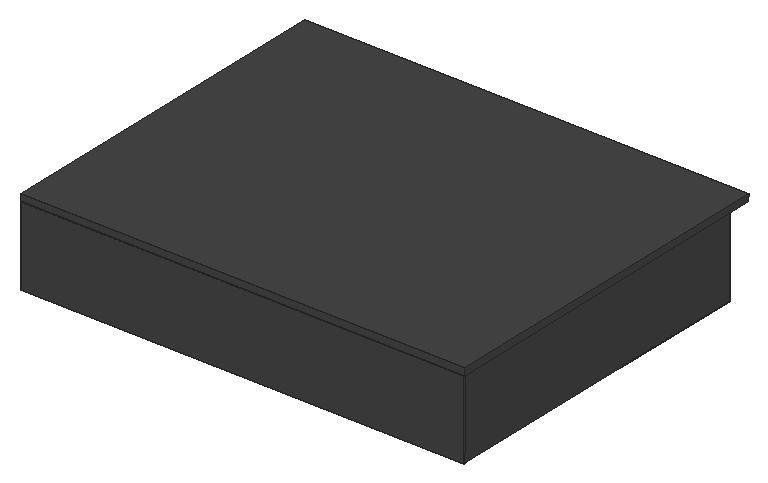
Revit family "NBS_DudleyIndustriesLimited_BthrmCbnts_ModuloSlimlineBehindTheMirrorHandHygieneSystemCabinet_92406BK-1200mm", category Casework, host Face, Revit 2019
Family settings
  Host = Face
  Cut with Voids When Loaded = No
  Shared = No
  Room Calculation Point = No
Parameters
  WarrantyStartDate [instance] = "1900-12-31T23:59:59"
  WarrantyGuarantorParts = "n/a"
  WarrantyGuarantorLabor = "n/a"
  WarrantyDurationUnit = "year"
  WarrantyDurationParts = "Ten year"
  WarrantyDurationLabor = "n/a"
  WarrantyDescription = "Ten year"
  Version = "1"  # constant formula
  Uniclass2015Version = "Products v1.22"
  Uniclass2015Title = "Bathroom cabinets"
  Uniclass2015Code = "Pr_40_30_87_03"
  TagNumber [instance] = "n/a"
  SustainabilityPerformance = "n/a"
  SizeNominal = "1200 x 960 x 230 mm"
  Size = "1200 x 960 x 230 mm"
  ShelvesMaterial = "n/a"
  ShelvesFinishAndColour = "n/a"
  ShelvesArrangement = "n/a"
  Shape = "Rectangle"
  SerialNumber [instance] = "n/a"
  ReplacementCost = "n/a"
  RecycledContent = "n/a"
  Recyclability = "n/a"
  ProductInformation = "n/a"
  NominalWidth = 1200 mm
  NominalLength = 0 mm
  NominalHeight = 960 mm
  Name = "BathroomCabinets_ModuloSlimlineBehindTheMirrorHandHygieneSystem, Cabinet_92406BK-1200mm_DudleyIndustriesLimited"
  NBSCertification = "www.nationalbimlibrary.com/cert/bnfoddsb"
  ModelReference = "92406BK Modulo Slimline Cabinet 1200 mm"
  ModelNumber = "n/a"
  Material = "Stainless steel"
  ManufacturerURL = "www.dudleyindustries.com"
  ManufacturerName = "Dudley Industries Limited"  # constant formula
  Manufacturer = "sales@dudleyindustries.com"
  IntegralAccessories = "Integrated fixings"
  InstallationDate [instance] = "1900-12-31T23:59:59"
  IfcExportType = "NOTDEFINED"  # constant formula
  IfcExportAs = "IfcFurnitureType"  # constant formula
  Grade = "n/a"
  Form = "Wall mounted"
  Finish = "Powder coated"
  Features = "n/a"
  ExpectedLife = "n/a"
  EmbodiedCarbon = "n/a"
  DurationUnit = "year"
  DoorsMaterial = "Glass, mirrored to exterior"
  DoorsHinges = "Gas struts ensuring easy opening"
  DoorsHandles = "Concealed"
  DoorsFinishAndColour = "Mirrored"
  DoorsEdges = "Square"
  DoorsArrangement = "Horizontal, top hung"
  Description = "Bathroom cabinet"
  Default Elevation = 1219.2 mm
  CountryOfProductManufacture = "n/a"
  CountryOfMaterialOrigin = "n/a"
  ContainsRedListMaterials = "n/a"
  Constituents = "n/a"
  Color = "Black"
  CodePerformance = "n/a"
  Category = "Pr_40_30_87_03:Bathroom cabinets"
  CarcassMaterials = "Stainless steel"
  CarcassFinishAndColour = "Matte black, powder coated"
  CabinetWidth = 1200 mm
  CabinetMaterial = NBS_DudleyIndustriesLimited_StainlessSteel_MatteBlackPowderCoated
  CabinetHeight = 960 mm  # constant formula
  CabinetDoorVisible = yes
  CabinetDepth = 234.3 mm  # constant formula
  BlankingPlates = "Not required.,Required"
  BarCode [instance] = "n/a"
  BIMObjectName = "NBS_DudleyIndustriesLimited_BathroomCabinets_ModuloSlimlineBehindTheMirrorHandHygieneSystemCabinet_92406BK-1200mm"
  Author = "NBS"  # constant formula
  AssetType = "Fixed"
  AssetIdentifier [instance] = "n/a"
  Accessories = "n/a"
  AccessibilityPerformance = "n/a"
Reference planes
  plane 1 "Center (Front/Back)": y = 0
  plane 2 "Back": z = 0
  plane 3 "Center (Left/Right)": x = 0
  plane 4 "Right": x = 600
  plane 5 "Left": x = -600
  plane 6: z = 234.3
  plane 7: z = 216.005
  plane 8: z = 2
  plane 9: y = 417.561
  plane 10: y = 415.661
  plane 11: y = 480.9
  plane 12 "Top": y = 479.7
  plane 13 "Bottom": y = -479.839
  plane 14: y = -477.939
  plane 15: z = 214
  plane 16: y = -479.7
  plane 17 "Front": z = 232.205
  plane 18: z = 228.105
  plane 19: x = -599.2
  plane 20: x = 599.2
  plane 21: y = 49.3
  plane 22: y = 69.3
Forms (mm)
  Extrusion 1, solid, material "NBS_DudleyIndustriesLimited_StainlessSteel_MatteBlackPowderCoated" <- "CabinetMaterial", visible <- "CabinetDoorVisible", detail levels medium+fine
    sketch origin (0, 0, 0) x (0, 1, 0) y (0, 0, 1)
      loop
        line (-479.7, 232.205) -> (-479.7, 214) -> (479.7, 214) -> (479.7, 232.205) -> (-479.7, 232.205)
    from -600 to 600
  Extrusion 2, solid, material "NBS_DudleyIndustriesLimited_StainlessSteel_MatteBlackPowderCoated" <- "CabinetMaterial", detail levels medium+fine
    sketch origin (0, 0, 0) x (0, 1, 0) y (0, 0, 1)
      loop
        line (-479.839, 214) -> (-479.839, 0) -> (-477.939, 0) -> (-477.939, 214) -> (-479.839, 214)
      loop
        line (415.661, 214) -> (415.661, 2) -> (417.561, 2) -> (417.561, 214) -> (415.661, 214)
    from -600 to 600
  Extrusion 3, solid, material "NBS_DudleyIndustriesLimited_StainlessSteel_MatteBlackPowderCoated" <- "CabinetMaterial", detail levels medium+fine
    sketch origin (0, 0, 0) x (0, 1, 0) y (0, 0, 1)
      loop
        line (49.3, 2) -> (49.3, 0) -> (415.661, 0) -> (415.661, 2) -> (49.3, 2)
    from -600 to 600
  Extrusion 4, solid, material "NBS_DudleyIndustriesLimited_StainlessSteel_MatteBlackPowderCoated" <- "CabinetMaterial", detail levels medium+fine
    sketch origin (0, 0, 0) x (1, 0, 0) y (0, 1, 0)
      loop
        line (-600, 415.661) -> (-600, -477.939) -> (-599.2, -477.939) -> (-599.2, 415.661) -> (-600, 415.661)
      loop
        line (600, 415.661) -> (599.2, 415.661) -> (599.2, -477.939) -> (600, -477.939) -> (600, 415.661)
    from 2 to 214
  Extrusion 5, solid, material "NBS_DudleyIndustriesLimited_StainlessSteel_MatteBlackPowderCoated" <- "CabinetMaterial", detail levels medium+fine
    sketch origin (0, 0, 0) x (1, 0, 0) y (0, 1, 0)
      loop
        line (-599.2, 69.3) -> (-599.2, 49.3) -> (599.2, 49.3) -> (599.2, 69.3) -> (-599.2, 69.3)
    from 2 to 214
  Extrusion 6, solid, material "NBS_DudleyIndustriesLimited_StainlessSteel_MatteBlackPowderCoated" <- "CabinetMaterial", detail levels coarse
    sketch origin (0, 0, 0) x (0, 1, 0) y (0, 0, 1)
      loop
        line (-479.7, 232.205) -> (-479.7, 0) -> (417.561, 0) -> (417.561, 214) -> (479.7, 214) -> (479.7, 232.205) -> (-479.7, 232.205)
    from -600 to 600
Dimensions and locks
  equal spacing: plane 5 "Left", plane 3 "Center (Left/Right)", plane 4 "Right"
  "CabinetWidth": plane 5 "Left" to plane 4 "Right"
  "CabinetDepth": plane 6 to plane 2 "Back"
  plane 13 "Bottom" to plane 11 = 960.739 mm
  locked: plane 20 to plane 4 "Right" at 0.8
  locked: plane 5 "Left" to plane 19 at 0.8
  aligned and locked: plane 2 "Back" to host face
  aligned and locked: level to host face
  aligned and locked: plane 12 "Top" to Extrusion 1 sketch curve
  aligned and locked: plane 17 "Front" to Extrusion 1 sketch curve
  aligned and locked: Extrusion 1 sketch curve to plane 16
  aligned and locked: Extrusion 1 to plane 5 "Left"
  aligned and locked: plane 4 "Right" to Extrusion 1
  aligned and locked: Extrusion 2 sketch curve to plane 13 "Bottom"
  aligned and locked: plane 14 to Extrusion 2 sketch curve
  aligned and locked: Extrusion 2 sketch curve to plane 15  (x2)
  aligned and locked: Extrusion 2 sketch curve to plane 10
  aligned and locked: plane 9 to Extrusion 2 sketch curve
  aligned and locked: Extrusion 2 to plane 5 "Left"
  aligned and locked: plane 4 "Right" to Extrusion 2
  aligned and locked: plane 10 to Extrusion 3 sketch curve
  aligned and locked: Extrusion 3 sketch curve to plane 8
  aligned and locked: plane 2 "Back" to Extrusion 3 sketch curve
  aligned and locked: plane 4 "Right" to Extrusion 3
  aligned and locked: Extrusion 3 to plane 5 "Left"
  aligned and locked: Extrusion 4 sketch curve to plane 14
  aligned and locked: plane 5 "Left" to Extrusion 4 sketch curve
  aligned and locked: Extrusion 4 sketch curve to plane 19
  aligned and locked: plane 10 to Extrusion 4 sketch curve
  aligned and locked: plane 4 "Right" to Extrusion 4 sketch curve
  aligned and locked: Extrusion 4 sketch curve to plane 10
  aligned and locked: Extrusion 4 sketch curve to plane 20
  aligned and locked: plane 14 to Extrusion 4 sketch curve
  aligned and locked: Extrusion 4 to plane 8
  aligned and locked: plane 15 to Extrusion 4
  aligned and locked: plane 15 to Extrusion 1 sketch curve
  aligned and locked: plane 22 to Extrusion 5 sketch curve
  aligned and locked: Extrusion 5 sketch curve to plane 21
  aligned and locked: Extrusion 5 sketch curve to plane 20
  aligned and locked: plane 19 to Extrusion 5 sketch curve
  aligned and locked: Extrusion 5 to plane 8
  aligned and locked: plane 15 to Extrusion 5
  aligned and locked: Extrusion 3 sketch curve to plane 21
  aligned and locked: plane 2 "Back" to Extrusion 2 sketch curve
  aligned and locked: plane 17 "Front" to Extrusion 6 sketch curve
  aligned and locked: plane 12 "Top" to Extrusion 6 sketch curve
  aligned and locked: plane 15 to Extrusion 6 sketch curve
  aligned and locked: plane 9 to Extrusion 6 sketch curve
  aligned and locked: Extrusion 6 sketch curve to plane 16
  aligned and locked: plane 2 "Back" to Extrusion 6 sketch curve
  aligned and locked: Extrusion 6 to plane 5 "Left"
  aligned and locked: plane 4 "Right" to Extrusion 6
Automatic sketch dimensions
  host sketch curve to host sketch curve = 2438.4 mm  (x2)
  Extrusion 2 sketch curve to plane 8 = 0 mm
